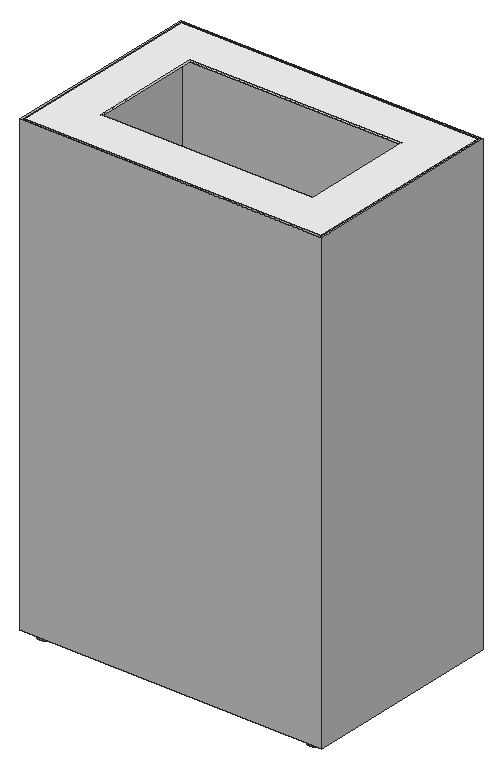
Revit family "REVIT-MG-1053-Pic-", category Furniture, Revit 2016
Family settings
  OmniClass Number = 23.40.20.00
  OmniClass Title = General Furniture and Specialties
  Work Plane-Based = No
  Always vertical = Yes
  Cut with Voids When Loaded = No
  Shared = No
  Room Calculation Point = No
Parameters (values of type "MG-1053")
  URL = "www.magnusongroup.com"
  Type Comments = "Stand Alone"  # constant formula
  Salvage or Reuse = yes
  Percentage of Recycled Content = 0
  Model = "MG-1053"
  Manufacturer = "Magnuson Group"  # constant formula
  Low Emitting Material = yes
  Low Emitting Finish = yes
  Revit File Built By = "https://servex-us.com/servex-revit/"
  Description = "Pic Waste Receptacle"
Reference planes (in)
  plane 1 "Center Front/Back": y = 0
  plane 2: z = 0
  plane 3 "Center Left/Right": x = 0
Dimensions and locks (in)
  aligned and locked: level to plane 2
Nested families (in)
  nested 1: "Magnuson-Pic-Receptacle" at (0, 0, 0), type "3D-pic-90r"
Definition of nested family "Magnuson-Pic-Receptacle"
  Parameters (values of type "3D-pic-90r")
    Width = 17.715"
    URL = "www.magnusongroup.com"
    UMR = no
    UMC = no
    ULR = yes
    ULC = no
    U2R = no
    U&B = no
    Type Comments = "PIC RECEPTACLES"  # constant formula
    SWING = no
    P = no
    Model = "3D-pic-90r"
    Material = ""
    Manufacturer = "MAGNUSON GROUP"  # constant formula
    M = no
    LID = none
    Keynote = "12500"
    Height = 27.175"  # constant formula
    Glide Offset = if(Width = 17.715", 0.925", 5.9")  # 0.925"
    Glide No = if(Width = 35.315", 3, 2)  # 2
    Glide Gap = if(Width = 11.815", 1 1/2", 0")  # 0"
    Gap = 16.78092"
    GLIDE = none
    GL = not(Width = 11.815")  # yes
    Feet = if(Width = 11.815", 0", 0.315")  # 0.315"
    Description = "Waste Bin With Recycling Top, 17.7\"x11.8\""
    Depth = 11.815"  # constant formula
    BLR = no
    BODY = none
    BMR = no
    Assembly Code = "E2020200"
  Reference planes (in)
    plane 1 "Center Front/Back": y = 0
    plane 2: z = 0
    plane 3 "Center Left/Right": x = 0
    plane 4: z = 27.175
    plane 5: x = 17.715
    plane 6: y = -11.815
    plane 7: z = 0.315
    plane 8: x = 0.925
    plane 9: y = -0.675
    plane 10: y = -11.14
    plane 11: z = 0
    plane 12: z = 0.6
    plane 13: x = 16.78092
    plane 14: x = 16.78092
  Forms (in)
    Extrusion 1, solid, material <- "BODY"
      sketch origin (0, 0, 0) x (1, 0, 0) y (0, 1, 0)
        loop
          line (0, 0) -> (0, -11.815) -> (17.715, -11.815) -> (17.715, 0) -> (0, 0)
        loop
          line (0.125, -0.125) -> (0.125, -11.69) -> (17.59, -11.69) -> (17.59, -0.125) -> (0.125, -0.125)
      from 0.315 to 27.175
    Blend 2, solid, material <- "GLIDE", visible <- "GL"
      base sketch origin (0, -13.58998, 0.6) x (-1, 0, 0) y (0, -1, 0)
        loop
          circle (-0.925, -12.91498) r 0.56983
      top sketch origin (0, -13.58998, 0.6) x (-1, 0, 0) y (0, -1, 0)
        loop
          circle (-0.925, -12.91498) r 0.38431
      from 0 to -0.6
    Blend 3, solid, material <- "GLIDE", visible <- "GL"
      base sketch origin (0, -24.05498, 0.6) x (-1, 0, 0) y (0, -1, 0)
        loop
          circle (-0.925, -12.91498) r 0.56983
      top sketch origin (0, -24.05498, 0.6) x (-1, 0, 0) y (0, -1, 0)
        loop
          circle (-0.925, -12.91498) r 0.38431
      from 0 to -0.6
    Blend 4, solid, material <- "GLIDE", visible <- "GL"
      base sketch origin (15.85592, -13.58998, 0.6) x (-1, 0, 0) y (0, -1, 0)
        loop
          circle (-0.925, -12.91498) r 0.56983
      top sketch origin (15.85592, -13.58998, 0.6) x (-1, 0, 0) y (0, -1, 0)
        loop
          circle (-0.925, -12.91498) r 0.38431
      from 0 to -0.6
    Blend 5, solid, material <- "GLIDE", visible <- "GL"
      base sketch origin (15.85592, -24.05498, 0.6) x (-1, 0, 0) y (0, -1, 0)
        loop
          circle (-0.925, -12.91498) r 0.56983
      top sketch origin (15.85592, -24.05498, 0.6) x (-1, 0, 0) y (0, -1, 0)
        loop
          circle (-0.925, -12.91498) r 0.38431
      from 0 to -0.6
    Extrusion 6, solid, material <- "LID"
      sketch origin (0, -13.58998, 0.6) x (-1, 0, 0) y (0, 1, 0)
        loop
          line (-0.125, 13.46498) -> (-17.59, 13.46498) -> (-17.59, 1.89998) -> (-0.125, 1.89998) -> (-0.125, 13.46498)
        loop
          line (-15.09, 4.39998) -> (-2.625, 4.39998) -> (-2.625, 10.96498) -> (-15.09, 10.96498) -> (-15.09, 4.39998)
      from -26.575 to -26.475
    Extrusion 7, solid, material <- "LID"
      sketch origin (0, -13.58998, 0.6) x (-1, 0, 0) y (0, 1, 0)
        loop
          line (-0.125, 13.46498) -> (-17.59, 13.46498) -> (-17.59, 1.89998) -> (-0.125, 1.89998) -> (-0.125, 13.46498)
      from -0.1758 to 0
  Lines and regions (in)
    symbolic lines
      curve 1: line (0, 0, 0) -> (17.715, 0, 0)
      curve 2: line (0, -11.815, 0) -> (0, 0, 0)
      curve 3: line (17.715, -11.815, 0) -> (0, -11.815, 0)
      curve 4: line (17.715, 0, 0) -> (17.715, -11.815, 0)
  Dimensions and locks (in)
    "Height": plane 4 to plane 2
    "Width": plane 3 "Center Left/Right" to plane 5
    "Depth": plane 6 to plane 1 "Center Front/Back"
    "Feet": plane 7 to plane 2
    locked: Extrusion 1 sketch curve to plane 5 at 0.125
    locked: plane 3 "Center Left/Right" to Extrusion 1 sketch curve at 0.125
    locked: Extrusion 1 sketch curve to plane 1 "Center Front/Back" at 0.125
    locked: Extrusion 1 sketch curve to plane 6 at 0.125
    "Glide Offset": plane 3 "Center Left/Right" to plane 8
    locked: plane 9 to plane 1 "Center Front/Back" at 0.675
    locked: plane 6 to plane 10 at 0.675
    locked: plane 11 to plane 12 at 0.6
    "Glide Gap": plane 2 to plane 11
    "Gap": plane 3 "Center Left/Right" to plane 13
    group 1 to group 2 = 15.85592"
    group 1 to group 2 = 0"  (x2)
    plane 3 "Center Left/Right" to Extrusion 6 = 17.59"
    locked: Extrusion 7 to plane 12 at 0.1758
    aligned and locked: level to plane 2
    aligned and locked: plane 1 "Center Front/Back" to Extrusion 1 sketch curve
    aligned and locked: plane 3 "Center Left/Right" to Extrusion 1 sketch curve
    aligned and locked: plane 6 to Extrusion 1 sketch curve
    aligned and locked: plane 5 to Extrusion 1 sketch curve
    aligned and locked: Extrusion 1 to plane 7
    aligned and locked: plane 4 to Extrusion 1
    aligned and locked: plane 1 "Center Front/Back" to curve 1
    aligned and locked: plane 3 "Center Left/Right" to curve 2
    aligned and locked: curve 3 to Extrusion 1
    aligned and locked: curve 4 to Extrusion 1
    aligned and locked: plane 8 to Blend 2 sketch curve  (x2)
    aligned and locked: plane 8 to Blend 3 sketch curve  (x2)
    aligned and locked: plane 11 to Blend 3
    aligned and locked: plane 11 to Blend 2
    aligned and locked: Blend 2 to plane 12
    aligned and locked: Blend 3 to plane 12
    aligned and locked: plane 14 to Blend 4 sketch curve  (x2)
    aligned and locked: plane 14 to Blend 5 sketch curve  (x2)
    aligned and locked: plane 14 to plane 13
    aligned and locked: Blend 5 to Blend 3  (x2)
    aligned and locked: Blend 4 to Blend 2
    aligned and locked: Blend 4 to Blend 3
    aligned and locked: Blend 3 to Blend 5
    aligned and locked: plane 4 to Extrusion 6
    aligned and locked: Extrusion 7 sketch curve to Extrusion 1  (x3)
    aligned and locked: Extrusion 7 sketch curve to Extrusion 6
    aligned and locked: plane 12 to Extrusion 7
  Automatic sketch dimensions
    plane 5 to Extrusion 6 sketch curve = 1/8"
    plane 3 "Center Left/Right" to Extrusion 6 sketch curve = 1/8"
    plane 1 "Center Front/Back" to Extrusion 6 sketch curve = 1/8"
    plane 6 to Extrusion 6 sketch curve = 1/8"
    Extrusion 6 sketch curve to Extrusion 6 sketch curve = 2 1/2"  (x4)
    radius of Blend 2 sketch curve = 0.56983"
    radius of Blend 2 sketch curve = 0.38431"
    radius of Blend 3 sketch curve = 0.56983"
    radius of Blend 3 sketch curve = 0.38431"
    radius of Blend 4 sketch curve = 0.56983"
    radius of Blend 4 sketch curve = 0.38431"
    radius of Blend 5 sketch curve = 0.56983"
    radius of Blend 5 sketch curve = 0.38431"
